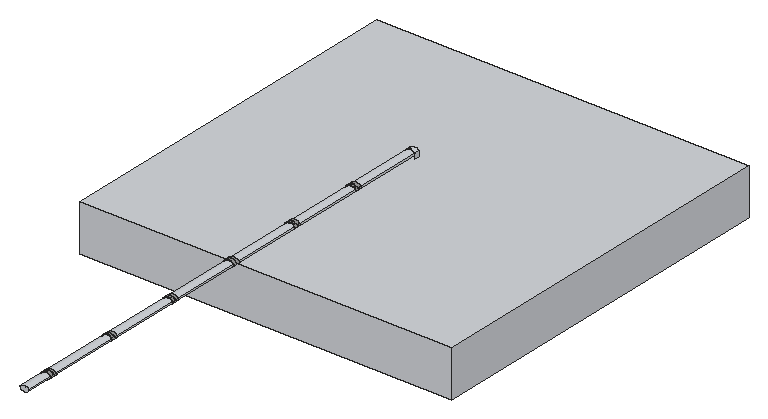
Revit family "Legrand Benelux Horizontal Ovaline Column", category Installations électriques, Revit 2020
Family settings
  Hôte = Face
  Conserver l'orientation des annotations = Non
  Cote de connecteur circulaire = Utiliser le diamètre
  Type d'élément = Normal
  Couper avec des vides une fois chargée = Non
  Partagée = Non
  Point de calcul de pièce = Non
Parameters (values of type "Cable output accessory")
  Standard = "Ovaline"
  Solo [instance] = and(Longueur < 1001 mm, Longueur > 500 mm)  # no
  Number of compartments = "Other"
  Nb Bracket [instance] = if(Longueur / 500 mm - 0.501 < 2, 2, if(Longueur / 500 mm - 0.501 > 6, 6, Longueur / 500 mm - 0.501))  # 6
  Multiple [instance] = Longueur > 1000 mm  # yes
  Modèle = "LG-653057"
  Main Material = "Plastic"
  Longueur [instance] = 3200 mm
  Jonction Accessory [instance] = yes
  Finishing = "Grey"
  Fabricant = "LEGRAND"
  Default Elevation = 0 mm
  Décalage [instance] = 200 mm
  Description = "cable output accessory for rigid ovaline"
Reference planes
  plane 1 "Centre (avant/arrière)": y = 0
  plane 2: z = 0
  plane 3 "Centre (gauche/droite)": x = 0
  plane 4: z = 200
  plane 5: y = -3200
  plane 6: y = -500
  plane 7: y = -1000
Forms (mm)
  Extrusion 1, solid
    sketch origin (0, 0, 0) x (1, 0, 0) y (0, 1, 0)
      loop
        line (-1219.2, 1219.2) -> (-1219.2, -1219.2) -> (1219.2, -1219.2) -> (1219.2, 1219.2) -> (-1219.2, 1219.2)
    from 0 to -304.8
  Extrusion 2, solid
    sketch origin (0, 0, 0) x (1, 0, 0) y (0, 0, 1)
      loop
        arc (-27.5, 195) -> (0, 183.5) -> (27.5, 195) r 38.63
        line (27.5, 195) -> (27.5, 205)
        arc (27.5, 205) -> (0, 216.5) -> (-27.5, 205) r 38.63
        line (-27.5, 205) -> (-27.5, 195)
    from 0 to 3200
  Extrusion 3, void
    sketch origin (0, 0, 0) x (1, 0, 0) y (0, 0, 1)
      loop
        line (-46.72, 240.095) -> (-46.72, 155.095) -> (48.28, 155.095) -> (48.28, 240.095) -> (-46.72, 240.095)
    from 3200 to 3308.443
  Extrusion 4, solid, visible <- "Jonction Accessory"
    sketch origin (0, 0, 0) x (1, 0, 0) y (0, 0, 1)
      loop
        line (27.5, 205) -> (27.5, 170) -> (29.5, 170) -> (29.5, 205.808)
        arc (29.5, 205.808) -> (0, 218.5) -> (-29.5, 205.808) r 40.63
        line (-29.5, 205.808) -> (-29.5, 170) -> (-27.5, 170) -> (-27.5, 205)
        arc (-27.5, 205) -> (0, 216.5) -> (27.5, 205) r 38.63
    from 0 to 30
Cuts and joins
  Extrusion 3 cuts Extrusion 2
Dimensions and locks
  "Décalage": plane 4 to plane 2
  "Longueur": plane 5 to plane 1 "Centre (avant/arrière)"
  locked: plane 6 to plane 1 "Centre (avant/arrière)" at 500
  locked: plane 6 to plane 7 at 500
  equal spacing: group 1, group 2, group 3, group 4, group 5, group 6  (x2)
  equal spacing: group 6, group 5, group 4, group 3, group 2, group 1
  aligned and locked: plane 2 to Extrusion 1
  aligned and locked: level to Extrusion 1
  aligned and locked: plane 4 to nested 1
  aligned and locked: plane 4 to nested 3
  aligned and locked: plane 5 to Extrusion 3
  aligned and locked: plane 4 to nested 7
Automatic sketch dimensions
  Extrusion 1 sketch curve to Extrusion 1 sketch curve = 2438.4 mm  (x2)
  Extrusion 2 sketch curve to plane 3 "Centre (gauche/droite)" = 0 mm  (x2)
  plane 4 to Extrusion 2 sketch curve = 5 mm  (x2)
  Extrusion 2 sketch curve to plane 3 "Centre (gauche/droite)" = 27.5 mm
  Extrusion 2 sketch curve to plane 4 = 5 mm
  Extrusion 2 sketch curve to plane 4 = 22.13 mm
  plane 4 to Extrusion 2 sketch curve = 22.13 mm
  Extrusion 3 sketch curve to plane 3 "Centre (gauche/droite)" = 46.72 mm
  plane 3 "Centre (gauche/droite)" to Extrusion 3 sketch curve = 48.28 mm
  Extrusion 3 sketch curve to plane 4 = 44.905 mm
  plane 4 to Extrusion 3 sketch curve = 40.095 mm
  Extrusion 4 sketch curve to Extrusion 4 sketch curve = 0 mm  (x2)
  Extrusion 4 sketch curve to plane 3 "Centre (gauche/droite)" = 0 mm
  Extrusion 4 sketch curve to plane 3 "Centre (gauche/droite)" = 27.5 mm
  Extrusion 4 sketch curve to Extrusion 4 sketch curve = 2 mm  (x2)
  plane 4 to Extrusion 4 sketch curve = 5 mm
  plane 3 "Centre (gauche/droite)" to Extrusion 4 sketch curve = 27.5 mm
  Extrusion 4 sketch curve to plane 4 = 22.13 mm
  Extrusion 4 sketch curve to plane 4 = 30 mm
  Extrusion 4 sketch curve to Extrusion 4 sketch curve = 7.87 mm
  Extrusion 4 sketch curve to Extrusion 4 sketch curve = 0.808 mm
Nested families
  nested 1: "Bracket" at (0, -500, 200) x (-1, 0, 0) z (0, 0, 1), visible <- "Multiple", type "Bracket"
  nested 2: "Bracket" at (0, -1000, 200) x (-1, 0, 0) z (0, 0, 1), visible <- "Multiple", type "Bracket"
  nested 3: "Bracket" at (0, -500, 200), visible <- "Solo", type "Bracket"
  nested 4: "Bracket" at (0, -1500, 200) x (-1, 0, 0) z (0, 0, 1), visible <- "Multiple", type "Bracket"
  nested 5: "Bracket" at (0, -2000, 200) x (-1, 0, 0) z (0, 0, 1), visible <- "Multiple", type "Bracket"
  nested 6: "Bracket" at (0, -2500, 200) x (-1, 0, 0) z (0, 0, 1), visible <- "Multiple", type "Bracket"
  nested 7: "Bracket" at (0, -3000, 200) x (-1, 0, 0) z (0, 0, 1), visible <- "Multiple", type "Bracket"
Definition of nested family "Bracket"
  Parameters (values of type "Famille3")
    Default Elevation = 0 mm
  Reference planes
    plane 1 "Centre (avant/arrière)": y = 0
    plane 2: z = 0
    plane 3 "Centre (gauche/droite)": x = 0
  Forms (mm)
    Extrusion 1, solid
      sketch origin (0, 0, 0) x (1, 0, 0) y (0, 0, 1)
        loop
          line (27.5, 5) -> (27.5, -5)
          arc (27.5, -5) -> (19.429, -11.259) -> (10, -15.183) r 38.63
          line (10, -15.183) -> (10, -20.252) -> (-10, -20.252) -> (-10, -15.183)
          arc (-10, -15.183) -> (-19.429, -11.259) -> (-27.5, -5) r 38.63
          line (-27.5, -5) -> (-27.5, 5)
          arc (-27.5, 5) -> (-26.233, 6.227) -> (-24.911, 7.395) r 38.63
          line (-24.911, 7.395) -> (-24.911, 8.691)
          arc (-24.911, 8.691) -> (-28.086, 5.829) -> (-30.934, 2.641) r 39.63
          line (-30.934, 2.641) -> (-29.643, 2.641)
          arc (-29.643, 2.641) -> (-29.079, 3.301) -> (-28.5, 3.948) r 38.63
          line (-28.5, 3.948) -> (-28.5, -5.407)
          arc (-28.5, -5.407) -> (-20.44, -11.822) -> (-11, -15.943) r 39.63
          line (-11, -15.943) -> (-11, -21.252) -> (11, -21.252) -> (11, -15.943)
          arc (11, -15.943) -> (20.44, -11.822) -> (28.5, -5.407) r 39.63
          line (28.5, -5.407) -> (28.5, 3.948)
          arc (28.5, 3.948) -> (29.079, 3.301) -> (29.643, 2.641) r 38.63
          line (29.643, 2.641) -> (30.934, 2.641)
          arc (30.934, 2.641) -> (28.086, 5.829) -> (24.911, 8.691) r 39.63
          line (24.911, 8.691) -> (24.911, 7.395)
          arc (24.911, 7.395) -> (26.233, 6.227) -> (27.5, 5) r 38.63
        loop
          line (-36.436, 0) -> (-29.589, 0) -> (-29.589, 2.081) -> (-33.866, 2.081)
          arc (-33.866, 2.081) -> (0, 19.5) -> (33.866, 2.081) r 41.63
          line (33.866, 2.081) -> (29.589, 2.081) -> (29.589, 0) -> (36.436, 0)
          arc (36.436, 0) -> (0, 20.5) -> (-36.436, 0) r 42.63
      from 0 to -20
    Extrusion 2, solid
      sketch origin (0, 0, 0) x (1, 0, 0) y (0, 0, 1)
        loop
          line (27.5, 5) -> (27.5, -5)
          arc (27.5, -5) -> (19.429, -11.259) -> (10, -15.183) r 38.63
          line (10, -15.183) -> (10, -20.252) -> (-10, -20.252) -> (-10, -15.183)
          arc (-10, -15.183) -> (-19.429, -11.259) -> (-27.5, -5) r 38.63
          line (-27.5, -5) -> (-27.5, 5)
          arc (-27.5, 5) -> (-26.233, 6.227) -> (-24.911, 7.395) r 38.63
          line (-24.911, 7.395) -> (-24.911, 8.691)
          arc (-24.911, 8.691) -> (-28.086, 5.829) -> (-30.934, 2.641) r 39.63
          line (-30.934, 2.641) -> (-29.643, 2.641)
          arc (-29.643, 2.641) -> (-29.079, 3.301) -> (-28.5, 3.948) r 38.63
          line (-28.5, 3.948) -> (-28.5, -5.407)
          arc (-28.5, -5.407) -> (-20.44, -11.822) -> (-11, -15.943) r 39.63
          line (-11, -15.943) -> (-11, -21.252) -> (11, -21.252) -> (11, -15.943)
          arc (11, -15.943) -> (20.44, -11.822) -> (28.5, -5.407) r 39.63
          line (28.5, -5.407) -> (28.5, 3.948)
          arc (28.5, 3.948) -> (29.079, 3.301) -> (29.643, 2.641) r 38.63
          line (29.643, 2.641) -> (30.934, 2.641)
          arc (30.934, 2.641) -> (28.086, 5.829) -> (24.911, 8.691) r 39.63
          line (24.911, 8.691) -> (24.911, 7.395)
          arc (24.911, 7.395) -> (26.233, 6.227) -> (27.5, 5) r 38.63
        loop
          line (-36.436, 0) -> (-29.589, 0) -> (-29.589, 2.081) -> (-33.866, 2.081)
          arc (-33.866, 2.081) -> (0, 19.5) -> (33.866, 2.081) r 41.63
          line (33.866, 2.081) -> (29.589, 2.081) -> (29.589, 0) -> (36.436, 0)
          arc (36.436, 0) -> (0, 20.5) -> (-36.436, 0) r 42.63
      from 0 to 20
  Dimensions and locks
    aligned and locked: level to plane 2
